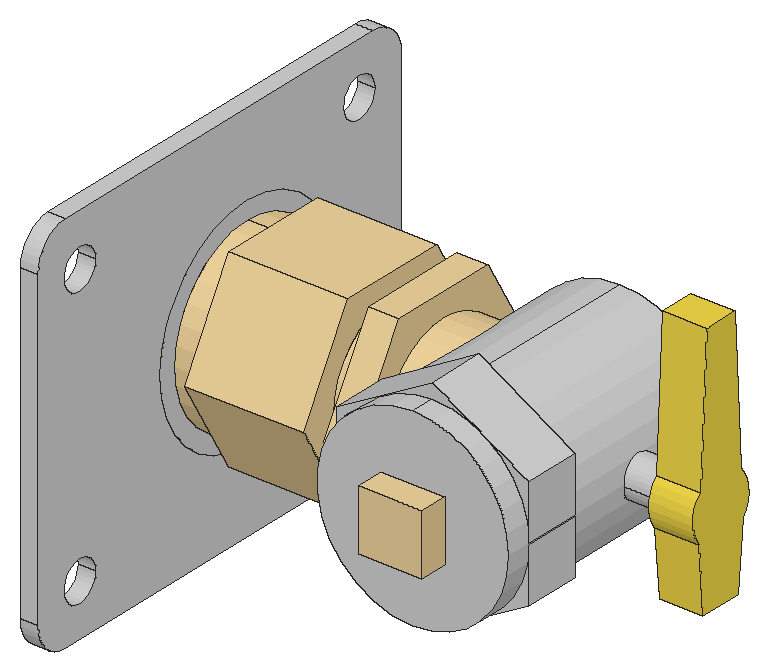
Revit family "Pipe_Fittings-OmegaFlex-TracPipe-AutoFlare-Flange_with_Valve", category Pipe Fittings, Revit 2025
Family settings
  Round Connector Dimension = Use Radius
  Part Type = Cap
  OmniClass Number = 23.60.30.11.14
  OmniClass Title = Pipework Fittings
  Work Plane-Based = No
  Always vertical = Yes
  Cut with Voids When Loaded = No
  Shared = No
Parameters (values of type "Standard")
  Valve Outlet Diameter [instance] = size_lookup(Lookup Table Name, "VOD", 0", Nominal Diameter 1)  # 3/4"
  Valve Inlet Diameter [instance] = size_lookup(Lookup Table Name, "VID", 0", Nominal Diameter 1)  # 3/4"
  Valve Handle Height [instance] = size_lookup(Lookup Table Name, "VH", 0' 0", Nominal Diameter 1)  # 0' - 1"
  URL = "https://www.omegaflex.com/"
  Tick Size [instance] = Fitting Outside Diameter * 0.4  # 0.42"
  Socket Entrance Offset [instance] = size_lookup(Lookup Table Name, "SEO", 0' 0", Nominal Diameter 1)  # 0' - 0.158"
  Socket Entrance Interior Diameter 1 [instance] = size_lookup(Lookup Table Name, "SEID1", 0' 0", Nominal Diameter 1)  # 0' - 1.065"
  Socket Entrance Diameter 2 [instance] = Socket Entrance Diameter 1 - 1/8"  # 1 1/4"
  Socket Entrance Diameter 1 [instance] = size_lookup(Lookup Table Name, "SED1", 0", Nominal Diameter 1)  # 1 3/8"
  Socket Entrance Thickness 1 [instance] = size_lookup(Lookup Table Name, "SET1", 0' 0", Nominal Diameter 1)  # 0' - 0.85"
  Part Number [instance] = size_lookup(Lookup Table Name, "PN", "0", Nominal Diameter 1)  # "FGP-RF90V-750"
  Part Description [instance] = size_lookup(Lookup Table Name, "PD", "0", Nominal Diameter 1)  # "90° Flange Valve - 3/4\""
  Valve Nut Exterior [instance] = size_lookup(Lookup Table Name, "VNE", 0' 0", Nominal Diameter 1)  # 0' - 1 3/8"
  Nominal Radius 1 [instance] = 3/8"
  Nominal Diameter 1 [instance] = Nominal Radius 1 * 2  # 3/4"
  Model = "TracPipe CounterStrike"
  Manufacturer = "OmegaFlex"  # constant formula
  Loss Method = K Coefficient from Table
  Lookup Table Name = "Pipe_Fittings-OmegaFlex-TracPipe-AutoFlare-Flange_with_Valve"
  Valve Connection Center [instance] = 2 31/256"  # constant formula
  K Coefficient Table = "Reducer/Coupling/Union/Increaser"
  Flange Outside Connection Diameter [instance] = Flange Connection Diameter + 0' 0 1/4"  # 0' - 1.565"
  Flange Connection Diameter [instance] = size_lookup(Lookup Table Name, "FCD", 0' 0", Nominal Diameter 1)  # 0' - 1.315"
  Fitting Outside Radius [instance] = Fitting Outside Diameter / 2  # 0.525"
  Fitting Outside Diameter [instance] = size_lookup(Lookup Table Name, "FOD", 0", Nominal Diameter 1)  # 1.05"
  Fitting Inside Diameter [instance] = size_lookup(Lookup Table Name, "FID", 0' 0", Nominal Diameter 1)  # 0' - 0.781"
  Description = "See Part Description"
  Default Elevation = 0' - 0"
Reference planes (in)
  plane 1 "Center (Front/Back)": y = 0
  plane 2: z = 0
  plane 3 "Center (Left/Right)": x = 0
  plane 4: z = 1.375
  plane 5: z = -1.375
  plane 6: z = 1
  plane 7: z = -1
  plane 8: y = 1.375
  plane 9: y = -1.875
  plane 10: y = 1
  plane 11: y = -1.5
  plane 12: x = -1.06055
  plane 13: x = -1.43555
  plane 14: x = 1.06055
  plane 15: x = -0.87415
  plane 16 "Valve": x = -0.02415
  plane 17: x = -1.18555
Forms (in)
  Extrusion 1, solid, material "Stainless Steel - OmegaFlex"
    sketch origin (-1.533, 0, 0) x (0, -1, 0) y (0, 0, -1)
      loop
        line (-1.125, -1.375) -> (1.625, -1.375)
        arc (1.625, -1.375) -> (1.80178, -1.30178) -> (1.875, -1.125) r 0.25
        line (1.875, -1.125) -> (1.875, 1.125)
        arc (1.875, 1.125) -> (1.80178, 1.30178) -> (1.625, 1.375) r 0.25
        line (1.625, 1.375) -> (-1.125, 1.375)
        arc (-1.125, 1.375) -> (-1.30178, 1.30178) -> (-1.375, 1.125) r 0.25
        line (-1.375, 1.125) -> (-1.375, -1.125)
        arc (-1.375, -1.125) -> (-1.30178, -1.30178) -> (-1.125, -1.375) r 0.25
      loop
        circle (-1, -1) r 0.145
      loop
        circle (1.5, -1) r 0.145
      loop
        circle (-1, 1) r 0.145
      loop
        circle (1.5, 1) r 0.145
      loop
        circle (0, 0) r 0.6575
    from 0.34745 to 0.47245
  Extrusion 2, solid, material "Brass - OmegaFlex"
    sketch origin (-1.06055, 0, 3.94401) x (0, 0, 1) y (0, -1, 0)
      loop
        circle (-3.94401, 0) r 0.6575
      loop
        circle (-3.94401, 0) r 0.5325
    from 0 to 0.1864
  Extrusion 3, solid, material "Stainless Steel - OmegaFlex"
    sketch origin (-1.06055, 0, 3.94401) x (0, 0, 1) y (0, -1, 0)
      loop
        circle (-3.94401, 0) r 0.7825
      loop
        circle (-3.94401, 0) r 0.6575
    from 0 to -0.375
  Extrusion 4, solid, material "Brass - OmegaFlex"
    sketch origin (-0.02415, 3.09718, 48) x (0, 1, 0) y (0, 0, -1)
      loop
        circle (-3.09718, 48) r 0.3905
      loop
        circle (-3.09718, 48) r 0.525
    from 0 to -1.08469
Dimensions and locks (in)
  equal spacing: plane 4, plane 2, plane 5
  locked: plane 4 to plane 5 at 2.75
  locked: plane 4 to plane 6 at 0.375
  locked: plane 7 to plane 5 at 0.375
  locked: plane 8 to plane 9 at 3.25
  locked: plane 10 to plane 11 at 2.5
  locked: plane 8 to plane 10 at 0.375
  locked: plane 12 to plane 17 at 0.125
  "Valve Connection Center": plane 14 to plane 12
  equal spacing: plane 14, plane 3 "Center (Left/Right)", plane 12
  locked: plane 13 to plane 17 at 0.25
  plane 15 to plane 16 "Valve" = 0' - 0.85"
  "Socket Entrance Interior Diameter 1": diameter of Extrusion 2 sketch curve
  "Flange Connection Diameter": diameter of Extrusion 2 sketch curve
  "Flange Connection Diameter": diameter of Extrusion 1 sketch curve
  "Flange Connection Diameter": diameter of Extrusion 3 sketch curve
  "Flange Outside Connection Diameter": diameter of Extrusion 3 sketch curve
  "Fitting Inside Diameter": diameter of Extrusion 4 sketch curve
  "Fitting Outside Diameter": diameter of Extrusion 4 sketch curve
  aligned and locked: Extrusion 1 sketch curve to plane 8
  aligned and locked: Extrusion 1 sketch curve to plane 9
  aligned and locked: plane 10 to Extrusion 1 sketch curve  (x2)
  aligned and locked: plane 11 to Extrusion 1 sketch curve  (x2)
  aligned and locked: plane 12 to Extrusion 1
  aligned and locked: plane 15 to nested 1
  aligned and locked: Extrusion 2 to plane 15
  aligned and locked: plane 13 to Extrusion 3
  aligned and locked: plane 14 to Extrusion 4
  aligned and locked: Extrusion 1 to plane 17
  aligned and locked: plane 14 to nested 2
  aligned and locked: plane 16 "Valve" to Extrusion 4
  aligned and locked: plane 16 "Valve" to nested 1
Automatic sketch dimensions
  Extrusion 1 sketch curve to plane 5 = 0' - 0"
  Extrusion 1 sketch curve to plane 4 = 0' - 0"
  Extrusion 1 sketch curve to level = 0' - 0"
  Extrusion 1 sketch curve to plane 1 "Center (Front/Back)" = 0' - 0"
  Extrusion 1 sketch curve to plane 6 = 0' - 0"  (x2)
  plane 7 to Extrusion 1 sketch curve = 0' - 0"  (x2)
  Extrusion 1 sketch curve to plane 10 = 0' - 0 1/8"  (x2)
  plane 11 to Extrusion 1 sketch curve = 0' - 0 1/8"
  plane 6 to Extrusion 1 sketch curve = 0' - 0 1/8"
  Extrusion 2 sketch curve to Extrusion 2 sketch curve = 0' - 0"  (x2)
  Extrusion 2 sketch curve to level = 0' - 0"
  Extrusion 2 sketch curve to plane 1 "Center (Front/Back)" = 0' - 0"
  Extrusion 3 sketch curve to Extrusion 3 sketch curve = 0' - 0"  (x2)
  Extrusion 3 sketch curve to level = 0' - 0"
  Extrusion 3 sketch curve to plane 1 "Center (Front/Back)" = 0' - 0"
  Extrusion 4 sketch curve to Extrusion 4 sketch curve = 0' - 0"  (x2)
  Extrusion 4 sketch curve to level = 0' - 0"
  Extrusion 4 sketch curve to plane 1 "Center (Front/Back)" = 0' - 0"
  radius of Extrusion 1 sketch curve = 0' - 0.145"  (x4)
Nested families (in)
  nested 1: "Nut-OmegaFlex-TracPipe" at (-0.02415, 0, 0) x (0, -1, 0) z (0, 0, 1), Interior Diameter <- "Socket Entrance Interior Diameter 1", Width <- "Socket Entrance Diameter 1", type "Nut"
    with Width 0' - 1 3/8", Thickness 0' - 0.85", Interior Diameter 0' - 1.065"
  nested 2: "Valve-OmegaFlex-TracPipe" at (0.31055, 0, 0) x (0, 0, -1) z (1, 0, 0), Handle Height <- "Valve Handle Height", TracPipe Inlet Diameter <- "Valve Inlet Diameter", Valve Outlet Diameter <- "Valve Outlet Diameter", Nut Exterior Front <- "Valve Nut Exterior", Nut Exterior Top <- "Valve Nut Exterior", Nut Interior Diameter Top <- "Valve Inlet Diameter", type "Valve"
    with Valve Outlet Diameter 3/4", Valve Body Height 0' - 0 3/4", TracPipe Inlet Diameter 3/4", Nut Thickness Top 0' - 0 53/128", Nut Thickness 2 0' - 0 1/2", Nut Thickness 1 0' - 0 7/32", Nut Interior Diameter Top 0' - 0 3/4", Nut Exterior Top 0' - 1 3/8", Nut Exterior Front 0' - 1 3/8", Handle Height 0' - 1"
Connectors (in)
  piping at (-0.87415, 0, 0), diameter 0.75, driven by "Nominal Radius 1"
    settings: on nested 1, index 4, connector inside diameter 24", connector length 0' - 0", flow factor 0, pipe flow 0 GPM, pressure drop 0.00 psi, fitting loss kfactor 0, connector angle 0.00°, fixture units 0, engagement length 0' - 0", angle of deflection 0.00°, flow configuration 0, flow direction 0, fitting loss method 0, system type 28, joint type 0, gender type 0, connector reference index 5, connector utility 0, adjustable connector no, is connector primary yes, connector description ""
  piping at (1.06055, -1.17045, 0), diameter 0.75, driven by "Nominal Radius 1"
    settings: on nested 2, index 5, connector inside diameter 24", connector length 0' - 0", flow factor 0, pipe flow 0 GPM, pressure drop 0.00 psi, fitting loss kfactor 0, connector angle 0.00°, fixture units 0, engagement length 0' - 0", angle of deflection 0.00°, flow configuration 0, flow direction 0, fitting loss method 0, system type 28, joint type 0, gender type 0, connector reference index 4, connector utility 0, adjustable connector no, is connector primary no, connector description ""
Definition of nested family "Nut-OmegaFlex-TracPipe"
  Parameters (values of type "Nut")
    Width [instance] = 0' - 7"
    Thickness [instance] = 0' - 1"
    Material = none
    Interior Diameter [instance] = 0' - 3"
    Default Elevation = 0' - 0"
  Reference planes (in)
    plane 1 "Center (Front/Back)": y = 0
    plane 2: z = 0
    plane 3 "Center (Left/Right)": x = 0
    plane 4: y = 1
  Forms (in)
    Extrusion 1, solid, material <- "Material"
      sketch origin (0, 0, 0) x (1, 0, 0) y (0, 0, 1)
        loop
          line (-2.02073, 3.5) -> (-4.04145, 0) -> (-2.02073, -3.5) -> (2.02073, -3.5) -> (4.04145, 0) -> (2.02073, 3.5) -> (-2.02073, 3.5)
        loop
          circle (0, 0) r 1.5
      from 0 to -1
  Dimensions and locks (in)
    equal spacing: Extrusion 1 sketch curve, plane 2, Extrusion 1 sketch curve
    "Width": Extrusion 1 sketch curve to Extrusion 1 sketch curve  (x3)
    equal spacing: Extrusion 1 sketch curve, plane 3 "Center (Left/Right)", Extrusion 1 sketch curve  (x2)
    "Thickness": plane 4 to plane 1 "Center (Front/Back)"
    plane 4 to plane 1 "Center (Front/Back)" = 0' - 1"
    "Interior Diameter": diameter of Extrusion 1 sketch curve
    locked: Extrusion 1 sketch curve to Extrusion 1 sketch curve (angle 120.00°)  (x5)
    angle Extrusion 1 sketch curve to Extrusion 1 sketch curve = 120.00°
    aligned and locked: plane 2 to level
    aligned and locked: plane 4 to Extrusion 1
    aligned and locked: plane 3 "Center (Left/Right)" to Extrusion 1 sketch curve
    aligned and locked: plane 2 to Extrusion 1 sketch curve
Definition of nested family "Valve-OmegaFlex-TracPipe"
  Parameters (values of type "Valve")
    Valve Outlet Diameter [instance] = 1/2"
    Valve Body Height [instance] = 0' - 0 3/4"
    TracPipe Inlet Diameter [instance] = 3/8"
    Part Number = ""
    Part Description = ""
    Nut Thickness Top [instance] = 0' - 0 53/128"
    Nut Thickness 2 [instance] = 0' - 0 1/2"
    Nut Thickness 1 [instance] = 0' - 0 7/32"
    Nut Interior Diameter Top [instance] = 0' - 0 3/8"
    Nut Exterior Top [instance] = 0' - 1"
    Nut Exterior Front [instance] = 0' - 1"
    Model = ""
    Manufacturer = ""
    Handle Height [instance] = 0' - 0 3/4"
    Description = ""
    Default Elevation = 4' - 0"
  Reference planes (in)
    plane 1 "Center (Front/Back)": y = 0
    plane 2: z = 0
    plane 3 "Center (Left/Right)": x = 0
    plane 4 "Horizontal Center": z = 0.75
    plane 5: z = 0
    plane 6: z = 1.25
    plane 7: z = 0.25
    plane 8: z = -0.0625
  Forms (in)
    Extrusion 1, solid
      sketch origin (0, -1.68729, 0) x (1, 0, 0) y (0, 1, 0)
        loop
          line (-0.17464, 1.86618) -> (-1.20293, 1.81229) -> (-1.20293, 1.56229) -> (-0.17464, 1.5084)
          arc (-0.17464, 1.5084) -> (-0.01308, 1.43763) -> (0.15498, 1.49113) r 0.25
          line (0.15498, 1.49113) -> (0.6253, 1.53227) -> (0.6253, 1.84231) -> (0.15498, 1.88345)
          arc (0.15498, 1.88345) -> (-0.01308, 1.93695) -> (-0.17464, 1.86618) r 0.25
      from 1.51277 to 1.82527
    Extrusion 2, solid
      sketch origin (0, -1.75685, 1.5625) x (1, 0, 0) y (0, 0, 1)
        loop
          circle (0, -0.8125) r 0.5
      from -2.43729 to -0.5864
    Extrusion 3, solid
      sketch origin (0, -1.68729, 0) x (0, -1, 0) y (1, 0, 0)
        loop
          circle (-1.68729, 0) r 0.1875
      from -0.0625 to 0.75
    Extrusion 4, solid
      sketch origin (0, -1.68729, 0) x (0, -1, 0) y (1, 0, 0)
        loop
          circle (-1.68729, 0) r 0.14765
      from 0.75 to 1.51277
    Extrusion 5, solid
      sketch origin (0, -1.75685, 0) x (1, 0, 0) y (0, 0, 1)
        loop
          line (0.21956, 0.97645) -> (-0.21956, 0.97645) -> (-0.21956, 0.52355) -> (0.21956, 0.52355) -> (0.21956, 0.97645)
      from -0.38325 to -0.5864
  Dimensions and locks (in)
    "Valve Body Height": plane 4 "Horizontal Center" to plane 2
    Extrusion 5 sketch curve to Extrusion 5 sketch curve = 0' - 0.4529"  (x2)
    Extrusion 5 sketch curve to Extrusion 5 sketch curve = 0' - 0.43912"  (x2)
    Extrusion 1 to Extrusion 1 to plane 6 = 0' - 0 5/16" locked, 0' - 0.26277" locked
    equal spacing: plane 6, plane 4 "Horizontal Center", plane 7
    "Nut Exterior Top": plane 6 to plane 7
    locked: plane 7 to plane 5 at 0.25
    "Nut Exterior Front": diameter of Extrusion 2 sketch curve
    "Nut Interior Diameter Top": diameter of Extrusion 3 sketch curve
    aligned and locked: plane 2 to level
    aligned and locked: Extrusion 4 to Extrusion 1  (x2)
    aligned and locked: plane 4 "Horizontal Center" to Extrusion 2 sketch curve
    aligned and locked: plane 3 "Center (Left/Right)" to Extrusion 2 sketch curve
    aligned and locked: plane 3 "Center (Left/Right)" to Extrusion 4 sketch curve
    aligned and locked: plane 1 "Center (Front/Back)" to Extrusion 4 sketch curve
    aligned and locked: Extrusion 4 to plane 4 "Horizontal Center"
    aligned and locked: plane 4 "Horizontal Center" to Extrusion 3
    aligned and locked: nested 2 to plane 5
    aligned and locked: Extrusion 3 to plane 8
  Automatic sketch dimensions
    Extrusion 1 sketch curve to Extrusion 1 sketch curve = 0' - 0"  (x2)
    plane 1 "Center (Front/Back)" to Extrusion 1 sketch curve = 0' - 0"
    Extrusion 1 sketch curve to plane 3 "Center (Left/Right)" = 0' - 0"
    Extrusion 1 sketch curve to plane 3 "Center (Left/Right)" = 0' - 0.17464"  (x2)
    plane 1 "Center (Front/Back)" to Extrusion 1 sketch curve = 0' - 0 1/8"
    Extrusion 1 sketch curve to Extrusion 1 sketch curve = 0' - 1.02829"
    plane 3 "Center (Left/Right)" to Extrusion 1 sketch curve = 0' - 0.15498"  (x2)
    plane 1 "Center (Front/Back)" to Extrusion 1 sketch curve = 0' - 0.15502"
    Extrusion 1 sketch curve to Extrusion 1 sketch curve = 0' - 0.47031"
    plane 1 "Center (Front/Back)" to Extrusion 1 sketch curve = 0' - 0.17889"
    Extrusion 1 sketch curve to plane 1 "Center (Front/Back)" = 0' - 0 1/8"
    Extrusion 1 sketch curve to plane 1 "Center (Front/Back)" = 0' - 0.15502"
    Extrusion 1 sketch curve to plane 1 "Center (Front/Back)" = 0' - 0.17889"
    Extrusion 5 sketch curve to plane 3 "Center (Left/Right)" = 0' - 0.21956"
    Extrusion 5 sketch curve to plane 4 "Horizontal Center" = 0' - 0.22645"
    plane 1 "Center (Front/Back)" to Extrusion 3 sketch curve = 0' - 0"
    Extrusion 3 sketch curve to plane 3 "Center (Left/Right)" = 0' - 0"
    radius of Extrusion 4 sketch curve = 0' - 0.14765"
  Nested families (in)
    nested 1: "Nut-OmegaFlex-TracPipe" at (0, -0.99299, 0.75), Interior Diameter <- "Nut Interior Diameter Top", Thickness <- "Nut Thickness Top", Width <- "Nut Exterior Front", type "Nut"
      with Width 0' - 1", Thickness 0' - 0 53/128", Material none, Interior Diameter 0' - 0 3/8"
    nested 2: "Nut-OmegaFlex-TracPipe" at (0, 0, 0) x (0, 1, 0) z (1, 0, 0), Interior Diameter <- "Nut Interior Diameter Top", Width <- "Nut Exterior Top", Thickness <- "Nut Thickness 1", type "Nut"
      with Width 0' - 1", Thickness 0' - 0 7/32", Material none, Interior Diameter 0' - 0 3/8"
  Definition of nested family "Nut-OmegaFlex-TracPipe"
    Parameters (values of type "Nut")
      Width [instance] = 0' - 7"
      Thickness [instance] = 0' - 1"
      Material [instance] = none
      Interior Diameter [instance] = 0' - 3"
      Default Elevation = 4' - 0"
    Reference planes (in)
      plane 1 "Center (Front/Back)": y = 0
      plane 2: z = 0
      plane 3 "Center (Left/Right)": x = 0
      plane 4: y = 1
    Forms (in)
      Extrusion 1, solid, material <- "Material"
        sketch origin (0, 0, 0) x (1, 0, 0) y (0, 0, 1)
          loop
            line (-2.02073, 3.5) -> (-4.04145, 0) -> (-2.02073, -3.5) -> (2.02073, -3.5) -> (4.04145, 0) -> (2.02073, 3.5) -> (-2.02073, 3.5)
          loop
            circle (0, 0) r 1.5
        from 0 to -1
    Dimensions and locks (in)
      equal spacing: Extrusion 1 sketch curve, plane 2, Extrusion 1 sketch curve
      "Width": Extrusion 1 sketch curve to Extrusion 1 sketch curve  (x3)
      equal spacing: Extrusion 1 sketch curve, plane 3 "Center (Left/Right)", Extrusion 1 sketch curve  (x2)
      "Thickness": plane 4 to plane 1 "Center (Front/Back)"
      plane 4 to plane 1 "Center (Front/Back)" = 0' - 1"
      "Interior Diameter": diameter of Extrusion 1 sketch curve
      locked: Extrusion 1 sketch curve to Extrusion 1 sketch curve (angle 120.00°)  (x5)
      angle Extrusion 1 sketch curve to Extrusion 1 sketch curve = 120.00°
      aligned and locked: plane 2 to level
      aligned and locked: plane 4 to Extrusion 1
      aligned and locked: plane 3 "Center (Left/Right)" to Extrusion 1 sketch curve
      aligned and locked: plane 2 to Extrusion 1 sketch curve
